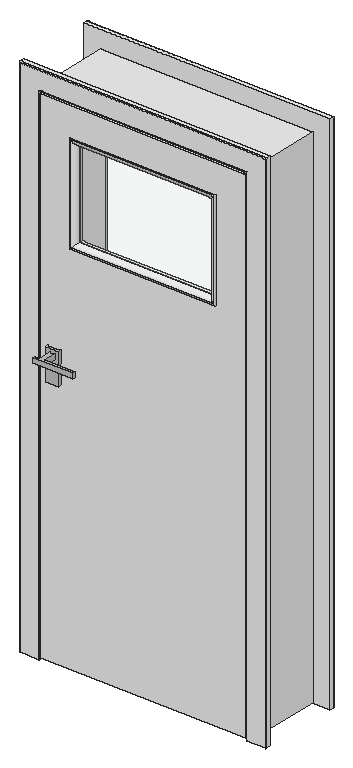
Revit family "cpl_1.2_osc_PSE_pn_bp", category Drzwi, Revit 2014
Parameters (values of type "pn 80")
  wysokość = 2016 mm
  szerokość = 800 mm
  Zakres szerokości muru [instance] = if(and(Grubość ściany > 94 mm, Grubość ściany < 120 mm), "B", (if(and(Grubość ściany > 119 mm, Grubość ściany < 140 mm), "C", (if(and(Grubość ściany > 139 mm, Grubość ściany < 160 mm), "D", (if(and(Grubość ściany > 159 mm, Grubość ściany < 180 mm), "E", (if(and(Grubość ściany > 179 mm, Grubość ściany < 200 mm), "F", (if(and(Grubość ściany > 199 mm, Grubość ściany < 220 mm), "G", (if(and(Grubość ściany > 219 mm, Grubość ściany < 240 mm), "H", (if(and(Grubość ściany > 239 mm, Grubość ściany < 260 mm), "I", (if(and(Grubość ściany > 259 mm, Grubość ściany < 280 mm), "J", (if(and(Grubość ściany > 279 mm, Grubość ściany < 301 mm), "K", "BRAK")))))))))))))))))))  # "K"
  Wysokość brutto = 2060 mm
  Szerokość brutto = szerokość + 80 mm  # 880 mm
  Model = "CPL 1.2"  # constant formula
  Materiał szklenie [instance] = Szkło
  Klamka [instance] = yes
  Grubość ściany [instance] = 300 mm
  Funkcja = Wewnętrzna
  URL = "www.porta.com.pl"
  Ss = 818 mm
  Sb = szerokość + 46 mm  # 846 mm
  Producent = "PORTA KMI POLAND"  # constant formula
  Keynote = ""
  Opis = "Ościeżnica Porta System Elegance"
  Height = 0 mm
  Zakończenie ściany = Wg obiektu nadrzędnego
  Width = 0 mm
  Materiał skrzydło [instance] = Porta - biały
  Materiał ościeżnica [instance] = Porta - biały
  Materiał klamka [instance] = Porta - chrom
  Hs = 2017 mm
Types (6, lengths in mm): name | szerokość | Szerokość brutto | Ss | Sb
  (no name) | 800 | 880 | 818 | 846
  pn 80 | 800 | 880 | 818 | 846
  pn 90 | 900 | 980 | 918 | 946
  pn 100 | 1000 | 1080 | 1018 | 1046
  pn 70 | 700 | 780 | 718 | 746
  pn 60 | 600 | 680 | 618 | 646
Reference planes
  plane 1: y = 0
  plane 2 "Środek (Lewa/Prawa)": x = 0
  plane 3 "Lewy": x = -440
  plane 4 "Prawy": x = 440
  plane 5: z = 2060
  plane 6 "Zewnętrzna": y = 150
  plane 7 "Wewnętrzna": y = -150
  plane 8 "skrzydło": y = -129
  plane 9: y = -169
  plane 10: x = -354
Forms (mm)
  Sweep 1, solid, material "Porta - biały" <- "Materiał ościeżnica"
    path in 3D
      loop
        line (-440, -150, 0) -> (-440, -150, 2060) -> (440, -150, 2060) -> (440, -150, 0)
    profile origin (-440, -150, 1030) x (0, -1, 0) y (1, 0, 0)
      loop
        line (-24, 39) -> (-72, 39) -> (-72, 17) -> (0, 17) -> (0, -53) -> (16, -53)
        arc (16, -53) -> (18.121, -52.121) -> (19, -50) r 3
        line (19, -50) -> (19, 24)
        arc (19, 24) -> (18.121, 26.121) -> (16, 27) r 3
        line (16, 27) -> (-24, 27) -> (-24, 39)
  Sweep 2, solid, material "Porta - biały" <- "Materiał ościeżnica"
    path in 3D
      loop
        line (440, 150, 0) -> (440, 150, 2060) -> (-440, 150, 2060) -> (-440, 150, 0)
    profile origin (-440, 150, 1030) x (1, 0, 0) y (0, 1, 0)
      loop
        line (-53, 0) -> (17, 0) -> (17, -228) -> (39, -228) -> (39, -1)
        arc (39, -1) -> (37.536, 2.536) -> (34, 4) r 5
        line (34, 4) -> (25, 4) -> (25, 16)
        arc (25, 16) -> (24.121, 18.121) -> (22, 19) r 3
        line (22, 19) -> (-50, 19)
        arc (-50, 19) -> (-52.121, 18.121) -> (-53, 16) r 3
        line (-53, 16) -> (-53, 0)
Cuts and joins
  joined: Sweep 1, Sweep 2
Lines and regions (mm)
  Opening 1
    outline origin (-3050, -150, 0) x (1, 0, 0) y (0, 0, 1)
      loop
        line (2610, 0) -> (3490, 0) -> (3490, 2060) -> (2610, 2060) -> (2610, 0)
  sketch lines
    curve 1: line (-440, -150, 0) -> (-440, -150, 2060)
    curve 2: line (-440, -150, 2060) -> (440, -150, 2060)
    curve 3: line (440, -150, 2060) -> (440, -150, 0)
    curve 4: line (-440, 150, 2060) -> (-440, 150, 0)
    curve 5: line (440, 150, 2060) -> (-440, 150, 2060)
    curve 6: line (440, 150, 0) -> (440, 150, 2060)
  symbolic lines, style "Doors"
    curve 7: line (440, -169, 0) -> (440, -987, 0)
    curve 8: line (440, -987, 0) -> (400, -987, 0)
    curve 9: line (400, -987, 0) -> (400, -169, 0)
    curve 10: line (400, -169, 0) -> (440, -169, 0)
  symbolic lines
    curve 11: arc (-409, -169, 0) -> (-169.413, -747.413, 0) -> (409, -987, 0) r 818
Text (mm)
  text "Zewnętrzna" at (-2295.016, 1099.543, 0), in view "Poziom odniesienia"
  text "Zewnętrzna" at (0, 1615.38, 3698.081), in view "Lewy"
  text "Zewnętrzna" at (0, 1036.032, 3874.932), in view "Prawy"
Dimensions and locks
  equal spacing: plane 3 "Lewy", plane 2 "Środek (Lewa/Prawa)", plane 4 "Prawy"
  "Szerokość brutto": plane 3 "Lewy" to plane 4 "Prawy"
  "Wysokość brutto": plane 5 to host wall
  host wall to plane 5 = 2060 mm  (x2)
  locked: plane 6 "Zewnętrzna" to host wall at 0
  locked: plane 7 "Wewnętrzna" to host wall
  "Sb": Sweep 1 to Sweep 1
  locked: Sweep 1 sketch curve to Sweep 1 sketch curve at 22
  locked: Sweep 1 sketch curve to Sweep 1 sketch curve at 70
  locked: Sweep 1 sketch curve to profile plane at 72
  locked: Sweep 2 sketch curve to Sweep 2 sketch curve at 70
  locked: Sweep 2 sketch curve to Sweep 2 sketch curve at 22
  locked: Sweep 2 sketch curve to plane 6 "Zewnętrzna" at 1
  locked: curve 9 to curve 7 at 40
  "Ss": curve 8 to curve 10
  plane 2 "Środek (Lewa/Prawa)" to curve 7 = 440 mm
  locked: plane 7 "Wewnętrzna" to plane 8 "skrzydło" at 21
  equal spacing: nested 1, plane 2 "Środek (Lewa/Prawa)", nested 1
  locked: nested 1 to level at 8
  "Grubość ściany": host wall to host wall
  locked: plane 8 "skrzydło" to plane 9 at 40
  locked: plane 3 "Lewy" to plane 10 at 86
  aligned and locked: plane 3 "Lewy" to Opening 1 sketch curve
  aligned and locked: plane 5 to Opening 1 sketch curve  (x2)
  aligned and locked: Opening 1 sketch curve to plane 4 "Prawy"
  aligned and locked: Opening 1 sketch curve to level
  aligned and locked: plane 1 to host wall
  aligned and locked: Sweep 1 to Sweep 2 sketch curve
  aligned and locked: Sweep 2 sketch curve to cut or joined group of Sweep 1, Sweep 2
  aligned and locked: nested 1 to plane 8 "skrzydło"
  aligned and locked: plane 4 "Prawy" to curve 7
  aligned and locked: plane 9 to curve 10
  aligned and locked: nested 3 to plane 8 "skrzydło"
  aligned and locked: plane 9 to nested 2
  aligned and locked: plane 10 to nested 2
  aligned and locked: nested 3 to plane 10
Automatic sketch dimensions
  Sweep 2 sketch curve to profile plane = 0 mm
  Sweep 2 sketch curve to profile plane = 16 mm
  Sweep 2 sketch curve to Sweep 2 sketch curve = 3 mm
  Sweep 2 sketch curve to Sweep 2 sketch curve = 5 mm
  Sweep 2 sketch curve to profile plane = 4 mm
  Sweep 2 sketch curve to Sweep 2 sketch curve = 8 mm
  Sweep 1 sketch curve to profile plane = 0 mm
  profile plane to Sweep 1 sketch curve = 24 mm
  Sweep 1 sketch curve to profile plane = 16 mm  (x2)
  Sweep 1 sketch curve to Sweep 1 sketch curve = 3 mm
  Sweep 1 sketch curve to profile plane = 53 mm
  Sweep 1 sketch curve to Sweep 1 sketch curve = 7 mm
  plane 9 to curve 11 = 0 mm
  curve 9 to curve 11 = 9 mm
Nested families
  nested 1: "skrzydło" at (0, -135.5, 0), type "skrzydło"
    with Ss 818 mm, Hs 2017 mm
  nested 2: "KLAMKA" at (-344, -169, 1112), Materiał klamki <- "Materiał klamka", visible <- "Klamka", type "KLAMKA"
    with Materiał klamki Porta - chrom
  nested 3: "KLAMKA" at (-344, -129, 1112), Materiał klamki <- "Materiał klamka", visible <- "Klamka", type "KLAMKA"
    with Materiał klamki Porta - chrom
Definition of nested family "skrzydło"
  Parameters (values of type "skrzydło")
    Ss = 844 mm
    Materiał szklenie = Szkło
    Materiał skrzydło = Porta - biały
    Assembly Code = ""
    Hs = 2030 mm
  Reference planes
    plane 1 "Tył": y = 6.5
    plane 2: z = 0
    plane 3 "Środek (Lewa/Prawa)": x = 0
    plane 4 "Lewa": x = -435
    plane 5 "Prawa": x = 435
    plane 6 "Przód": y = -33.5
    plane 7: z = 2051
    plane 8 "Centrum": y = -13.5
    plane 9: z = 8
    plane 10: x = -303
    plane 11: x = 303
    plane 12: z = 1923
    plane 13: z = 1529
    plane 14: x = -422
    plane 15: x = 422
    plane 16: z = 2038
  Forms (mm)
    Extrusion 1, solid, material "Porta - biały" <- "Materiał skrzydło"
      sketch origin (0, -33.5, 0) x (-1, 0, 0) y (0, 0, 1)
        loop
          line (435, 2051) -> (-435, 2051) -> (-435, 8) -> (435, 8) -> (435, 2051)
      from 0 to 40
    Sweep 2, void
      path origin (0, 6.5, 0) x (1, 0, 0) y (0, 0, 1)
        loop
          line (435, 0) -> (435, 2051) -> (-435, 2051) -> (-435, 0)
      profile origin (-435, 6.5, 1025.5) x (0, -1, 0) y (1, 0, 0)
        loop
          line (0, 0) -> (40, 0) -> (40, 13) -> (0, 13) -> (0, 0)
    Extrusion 3, void
      sketch origin (-892.016, -13.5, 1200) x (1, 0, 0) y (0, 0, 1)
        loop
          line (589.016, 723) -> (589.016, 329) -> (1195.016, 329) -> (1195.016, 723) -> (589.016, 723)
      from -20 to 20
    Extrusion 4, solid, material "Szkło" <- "Materiał szklenie"
      sketch origin (-892.016, -13.5, 1200) x (-1, 0, 0) y (0, 0, 1)
        loop
          line (-589.016, 723) -> (-1195.016, 723) -> (-1195.016, 329) -> (-589.016, 329) -> (-589.016, 723)
      from -2 to 2
    Sweep 5, solid, material "Porta - biały" <- "Materiał skrzydło"
      path origin (-892.016, -13.5, 1200) x (-1, 0, 0) y (0, 0, 1)
        loop
          line (-589.016, 723) -> (-1195.016, 723) -> (-1195.016, 329) -> (-589.016, 329) -> (-589.016, 723)
      profile origin (-303, -13.5, 1726) x (0, 1, 0) y (-1, 0, 0)
        loop
          arc (-24.985, -3.759) -> (-17.016, -16.981) -> (-2, -20.566) r 19.963
          line (-2, -20.566) -> (2, -20.566)
          arc (2, -20.566) -> (16.892, -17.071) -> (24.939, -4.061) r 19.963
          arc (24.939, -4.061) -> (23.683, -0.554) -> (20, 0) r 3.629
          line (20, 0) -> (-20, 0)
          arc (-20, 0) -> (-23.563, -0.459) -> (-24.985, -3.759) r 3.629
  Cuts and joins
    Sweep 2, Extrusion 3 cuts Extrusion 1
  Dimensions and locks
    equal spacing: plane 4 "Lewa", plane 3 "Środek (Lewa/Prawa)", plane 5 "Prawa"
    locked: plane 9 to level at 8
    equal spacing: plane 6 "Przód", plane 8 "Centrum", plane 1 "Tył"
    locked: plane 4 "Lewa" to plane 10 at 132
    locked: plane 11 to plane 5 "Prawa" at 132
    plane 7 to plane 12 to plane 13 = 128 mm locked, 394 mm locked
    locked: plane 4 "Lewa" to plane 14 at 13
    locked: plane 15 to plane 5 "Prawa" at 13
    "Ss": plane 14 to plane 15
    locked: plane 7 to plane 16 at 13
    "Hs": plane 16 to plane 9
    aligned and locked: Extrusion 1 sketch curve to plane 9
    aligned and locked: Extrusion 1 sketch curve to plane 5 "Prawa"
    aligned and locked: Extrusion 1 sketch curve to plane 4 "Lewa"
    aligned and locked: Sweep 2 sketch curve to plane 4 "Lewa"
    aligned and locked: Sweep 2 sketch curve to plane 7
    aligned and locked: Sweep 2 sketch curve to plane 5 "Prawa"
    aligned and locked: level to Sweep 2 sketch curve  (x2)
    aligned and locked: plane 7 to Extrusion 1 sketch curve
    aligned and locked: Extrusion 3 sketch curve to plane 10
    aligned and locked: Extrusion 3 sketch curve to plane 13
    aligned and locked: Extrusion 3 sketch curve to plane 12
    aligned and locked: plane 11 to Extrusion 3 sketch curve
    aligned and locked: plane 10 to Extrusion 4 sketch curve
    aligned and locked: Extrusion 4 sketch curve to plane 11
    aligned and locked: plane 13 to Extrusion 4 sketch curve
    aligned and locked: plane 12 to Extrusion 4 sketch curve
    aligned and locked: plane 10 to Sweep 5 sketch curve
    aligned and locked: plane 12 to Sweep 5 sketch curve
    aligned and locked: plane 13 to Sweep 5 sketch curve
    aligned and locked: Sweep 5 sketch curve to plane 11
  Automatic sketch dimensions
    plane 1 "Tył" to Sweep 2 sketch curve = 0 mm
    Sweep 2 sketch curve to profile plane = 0 mm
    Sweep 2 sketch curve to Sweep 2 sketch curve = 40 mm
    Sweep 2 sketch curve to Sweep 2 sketch curve = 13 mm
    Sweep 5 sketch curve to plane 8 "Centrum" = 21.378 mm
    Sweep 5 sketch curve to Sweep 5 sketch curve = 1.378 mm  (x2)
    Sweep 5 sketch curve to Sweep 5 sketch curve = 14.767 mm  (x2)
    Sweep 5 sketch curve to Sweep 5 sketch curve = 3.233 mm
    Sweep 5 sketch curve to Sweep 5 sketch curve = 4 mm
    Sweep 5 sketch curve to Sweep 5 sketch curve = 10.465 mm
    profile plane to Sweep 5 sketch curve = 20.566 mm
    Sweep 5 sketch curve to Sweep 5 sketch curve = 17.209 mm  (x2)
    Sweep 5 sketch curve to Sweep 5 sketch curve = 2.491 mm
    Sweep 5 sketch curve to Sweep 5 sketch curve = 0 mm
    Sweep 5 sketch curve to Sweep 5 sketch curve = 3.357 mm
Definition of nested family "KLAMKA"
  Parameters (values of type "KLAMKA")
    Materiał klamki [instance] = none
    Assembly Code = ""
    Default Elevation = 1219.2 mm
  Reference planes
    plane 1 "Center (Front/Back)": y = 0
    plane 2: z = 0
    plane 3 "Center (Left/Right)": x = -10
  Forms (mm)
    Extrusion 1, solid, material <- "Materiał klamki"
      sketch origin (0, 0, 0) x (1, 0, 0) y (0, 0, 1)
        loop
          line (-35, -25) -> (15, -25) -> (15, 25) -> (-35, 25) -> (-35, -25)
      from 0 to 10
    Extrusion 2, solid, material <- "Materiał klamki"
      sketch origin (0, 0, 0) x (1, 0, 0) y (0, 1, 0)
        loop
          line (-20, -10) -> (-20, -60) -> (-40, -60) -> (-40, -70) -> (120, -70) -> (120, -60) -> (0, -60) -> (0, -10) -> (-20, -10)
      from -10 to 10
    Extrusion 3, solid, material <- "Materiał klamki"
      sketch origin (0, 0, -8) x (1, 0, 0) y (0, 0, 1)
        loop
          line (-35, -92) -> (15, -92) -> (15, -42) -> (-35, -42) -> (-35, -92)
      from 0 to 10
  Dimensions and locks
    aligned and locked: Extrusion 1 to plane 1 "Center (Front/Back)"
